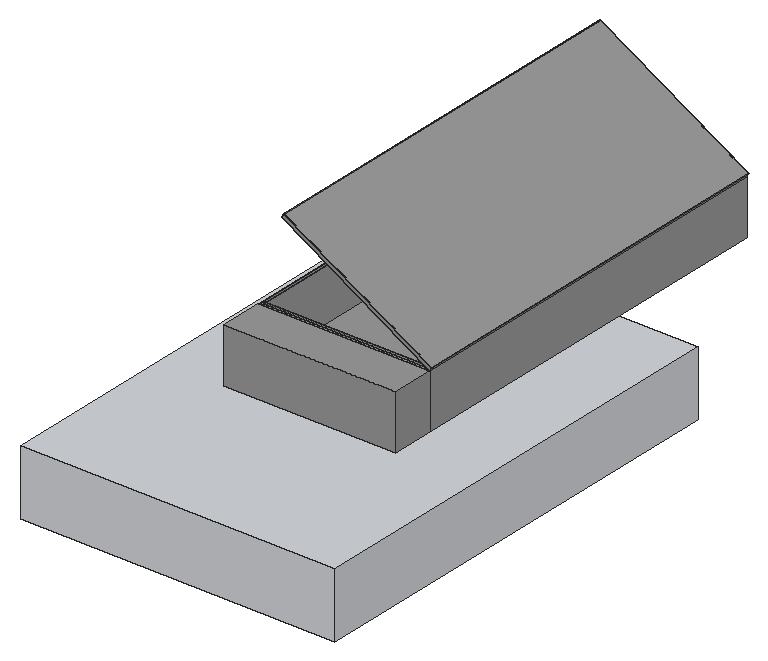
Revit family "Hager-Univers-IP55-D275-H2050-Cl.II-Steel_encl-AT-de", category Equipement électrique, Revit 2020
Family settings
  Hôte = Face
  Configuration du panneau = Deux colonnes, circuits au sein
  Cote de connecteur circulaire = Utiliser le diamètre
  Type d'élément = Tableau de raccordement
  Couper avec des vides une fois chargée = Non
  Partagée = Non
  Point de calcul de pièce = Non
Parameters (values of type "Bodenaufstellung IP55 B800 H2050 T275  - FR23S2")
  Width Control [instance] = if([EF000008 - Breite] > Min Width, [EF000008 - Breite], Min Width)  # 800 mm
  Commentaires du type = [HG000003 - Bereich]  # "Univers"
  Thickness Door [instance] = if([EF009171 - Materialstärke Tür/Deckel] > 3 mm, 3 mm, [EF009171 - Materialstärke Tür/Deckel])  # 1.5 mm
  Seal Frame Offset [instance] = 17 mm  # constant formula
  Plinth Visibility [instance] = [HG000027 - Sockelhöhe] > 0 mm  # yes
  Model = ""
  Min Width [instance] = 100 mm  # constant formula
  Min Height [instance] = 100 mm  # constant formula
  Min Depth [instance] = (2 * [EF009170 - Materialstärke Gehäuse]) + 1 mm  # 4 mm
  Internal Frame Depth [instance] = (Door System Depth * 0.5)  # 9 mm
  Height Control [instance] = if([EF000040 - Höhe] > Min Height, [EF000040 - Höhe], Min Height)  # 2050 mm
  HG000027 - Sockelhöhe = 200 mm
  HG000026 - Stehend auf dem Boden = yes
  HG000024 - Höhe des unteren Teils = 800 mm
  HG000023 - Gehäuse mit doppeltem Querschnitt = no
  HG000016 - 3D-Türsichtbarkeit [instance] = yes
  HG000015 - Sichtbarkeit der Türöffnung [instance] = no
  HG000014 - Tür rechts [instance] = yes
  HG000013 - Tür links [instance] = not([HG000014 - Tür rechts])  # no
  HG000012 - Türschwenkwinkel [instance] = 30.00°
  HG000010 - Asymmetrische Türen = no
  HG000009 - Doppelflügeligen Tür = no
  HG000006 - Unterputz = no
  HG000004 - Herstellerreferenz = "FR23S2"
  HG000003 - Bereich = "Univers"
  HG000002 - Mit tür = yes
  Frame Offset Bottom [instance] = 10 mm  # constant formula
  Frame Offset [instance] = 15 mm  # constant formula
  EF015940 - Deckel mit Überdruckentlastung = no
  EF011959 - Schutzart (NEMA) = ""
  EF009554 - Anzahl der Öffnungen für Flanschplatten = 6
  Fabricant = "Hager"  # constant formula
  EF009212 - Ausführung Deckel = "EV000116 - geschlossen"
  EF009171 - Materialstärke Tür/Deckel = 1.5 mm
  EF009170 - Materialstärke Gehäuse = 1.5 mm
  EF008873 - Nennstrom (In) = 800 A
  EF007800 - Geeignet für Blitzschutz = no
  EF006306 - Mit Schloss = no
  EF006244 - Transparenter Deckel/Tür = no
  EF005474 - Schutzart (IP) = "EV006420 - IP55"
  EF004464 - Art der Tür = "EV002646 - Einzel"
  EF004427 - Anzahl der Module = 432
  EF004293 - Schlagfestigkeit = "EV008784 - IK10"
  EF003532 - Geeignet für Außengebrauch = no
  EF002950 - Breite in Teilungseinheiten = 24
  EF001613 - Funktionserhalt = "EV000494 - ohne"
  EF001596 - Werkstoff des Gehäuses = "EV000179 - Stahl"
  EF001131 - Innentiefe = 275 mm
  EF001088 - Anbaumöglichkeit = yes
  EF000437 - Anzahl der Leitungseinführungen = 6
  EF000339 - Art der Abdeckung = "EV004216 - Tür"
  EF000266 - Anzahl der Reihen = 12
  EF000218 - Einbautiefe = 0 mm
  EF000118 - Mit Montageplatte = no
  EF000116 - RAL-Nummer = "7035"
  EF000049 - Tiefe = 275 mm
  EF000040 - Höhe = 2050 mm
  EF000008 - Breite = 800 mm
  EF000007 - Farbe = "EV000270 - grau"
  EF000003 - Montageart = "EV012274 - Bodenaufstellung"
  Door System Leaf Tolerance [instance] = 1.5 mm  # constant formula
  Door System Depth [instance] = 18 mm  # constant formula
  Door Height [instance] = Height Control - [HG000027 - Sockelhöhe]  # 1850 mm
  Depth Control [instance] = if([EF000049 - Tiefe] > Min Depth, [EF000049 - Tiefe], Min Depth)  # 275 mm
  Default Elevation = 0 mm
  Connector Offset [instance] = Height Control / 2  # 1025 mm
  Bottom Top Plate Trim [instance] = 1.5 mm  # constant formula
  Plinth height Ctrl [instance] = if([HG000027 - Sockelhöhe] > 0 mm, [HG000027 - Sockelhöhe], 12 mm)  # 200 mm
Types (11, lengths in mm): name | Width Control | HG000010 - Asymmetrische Türen | HG000009 - Doppelflügeligen Tür | HG000004 - Herstellerreferenz | EF009554 - Anzahl der Öffnungen für Flanschplatten | EF006244 - Transparenter Deckel/Tür | EF004464 - Art der Tür | EF004427 - Anzahl der Module | EF000437 - Anzahl der Leitungseinführungen | EF000008 - Breite
  Bodenaufstellung IP55 B1050 H2050 T275  - FR24L2 | 1050 | yes | yes | "FR24L2" | 8 | yes | "EV003602 - Doppel" | 576 | 8 | 1050
  Bodenaufstellung IP55 B1050 H2050 T275  - FR24S2 | 1050 | yes | yes | "FR24S2" | 8 | no | "EV003602 - Doppel" | 576 | 8 | 1050
  Bodenaufstellung IP55 B1300 H2050 T275  - FR25L2 | 1300 | yes | yes | "FR25L2" | 10 | yes | "EV003602 - Doppel" | 720 | 10 | 1300
  Bodenaufstellung IP55 B1300 H2050 T275  - FR25S2 | 1300 | yes | yes | "FR25S2" | 10 | no | "EV003602 - Doppel" | 720 | 10 | 1300
  Bodenaufstellung IP55 B1550 H2050 T275  - FR26L2 | 1550 | yes | yes | "FR26L2" | 12 | yes | "EV003602 - Doppel" | 864 | 12 | 1550
  Bodenaufstellung IP55 B1550 H2050 T275  - FR26S2 | 1550 | yes | yes | "FR26S2" | 12 | no | "EV003602 - Doppel" | 864 | 12 | 1550
  Bodenaufstellung IP55 B300 H2050 T275  - FR21S2 | 300 | no | no | "FR21S2" | 2 | no | "EV002646 - Einzel" | 144 | 2 | 300
  Bodenaufstellung IP55 B550 H2050 T275  - FR22L2 | 550 | no | no | "FR22L2" | 4 | yes | "EV002646 - Einzel" | 288 | 4 | 550
  Bodenaufstellung IP55 B550 H2050 T275  - FR22S2 | 550 | no | no | "FR22S2" | 4 | no | "EV002646 - Einzel" | 288 | 4 | 550
  Bodenaufstellung IP55 B800 H2050 T275  - FR23L2 | 800 | no | no | "FR23L2" | 6 | yes | "EV002646 - Einzel" | 432 | 6 | 800
  Bodenaufstellung IP55 B800 H2050 T275  - FR23S2 | 800 | no | no | "FR23S2" | 6 | no | "EV002646 - Einzel" | 432 | 6 | 800
Reference planes
  plane 1 "Center (Front/Back)": y = 0
  plane 2: z = 0
  plane 3 "Center (Left/Right)": x = 0
  plane 4: z = 275
  plane 5: y = 201.5
  plane 6: y = 1125
  plane 7: y = 200
  plane 8: y = 2050
  plane 9: z = 0
  plane 10: x = -385
  plane 11: x = 385
  plane 12: x = 383.5
  plane 13: x = -383.5
  plane 14: y = 2048.5
  plane 15: x = -383
  plane 16: x = -400
  plane 17: x = 383
  plane 18: x = 400
  plane 19: x = 398.5
  plane 20: x = -398.5
  plane 21: y = 211.5
  plane 22: y = 2050
  plane 23: y = 2033.5
  plane 24: z = 257
  plane 25: z = 1.5
  plane 26: z = 255.5
  plane 27: z = 273.5
Forms (mm)
  Extrusion 1, solid
    sketch origin (0, 0, 0) x (1, 0, 0) y (0, 1, 0)
      loop
        line (-702.964, 1305) -> (-702.964, -811.445) -> (766.763, -811.445) -> (766.763, 1305) -> (-702.964, 1305)
    from 0 to -304.8
  Extrusion 2, solid, material "Hager_Steel_RAL7035_Light_Grey", visible <- "Plinth Visibility", detail levels medium+fine
    sketch origin (0, 0, 0) x (1, 0, 0) y (0, 1, 0)
      loop
        line (-400, 0) -> (400, 0) -> (400, 200) -> (-400, 200) -> (-400, 0)
    from 0 to 257
  Extrusion 3, solid, material "Hager_Steel_RAL7035_Light_Grey", detail levels medium+fine
    sketch origin (0, 0, 0) x (1, 0, 0) y (0, 1, 0)
      loop
        line (-400, 200) -> (400, 200) -> (400, 2050) -> (-400, 2050) -> (-400, 200)
    from 0 to 257
  Extrusion 4, void
    sketch origin (0, 0, 0) x (1, 0, 0) y (0, 1, 0)
      loop
        line (-398.5, 201.5) -> (398.5, 201.5) -> (398.5, 2048.5) -> (-398.5, 2048.5) -> (-398.5, 201.5)
    from 1.5 to 255.5
  Extrusion 5, void
    sketch origin (-381.607, -4572, 257) x (0, -1, 0) y (-1, 0, 0)
      loop
        line (-4783.5, 1.893) -> (-6605.5, 1.893) -> (-6605.5, -765.107) -> (-4783.5, -765.107) -> (-4783.5, 1.893)
    from 0 to 1.5 <- "EF009170 - Materialstärke Gehäuse"
  Extrusion 6, solid, material "Hager_Steel_RAL7035_Light_Grey", detail levels fine
    sketch origin (0, 0, 257) x (1, 0, 0) y (0, 1, 0)
      loop
        line (-383.5, 2033.5) -> (-383.5, 211.5) -> (383.5, 211.5) -> (383.5, 2033.5) -> (-383.5, 2033.5)
      loop
        line (-385, 210) -> (385, 210) -> (385, 2035) -> (-385, 2035) -> (-385, 210)
    from 0 to 9 <- "Internal Frame Depth"
  Extrusion 7, solid, material "Hager_Steel_RAL7035_Light_Grey", detail levels coarse
    sketch origin (0, 0, 0) x (1, 0, 0) y (0, 1, 0)
      loop
        line (-400, 0) -> (400, 0) -> (400, 2050) -> (-400, 2050) -> (-400, 0)
    from 0 to 275
  Sweep 8, void
    path in 3D
      loop
        line (-400, 200, 0) -> (400, 200, 0) -> (400, 200, 257) -> (-400, 200, 257) -> (-400, 200, 0)
    profile origin (-400, 200, 128.5) x (-1, 0, 0) y (0, -1, 0)
      loop
        line (0, 0) -> (0, 1.5) -> (-1.5, 1.5)
        arc (-1.5, 1.5) -> (-1.061, 0.439) -> (0, 0) r 1.5
Cuts and joins
  Extrusion 4, Extrusion 5 cuts Extrusion 3
  Sweep 8 cuts Extrusion 2
Lines and regions (mm)
  Masking region 1
    outline origin (0, 0, 0) x (1, 0, 0) y (0, 0, 1)
      loop
        line (-400, 275) -> (-400, 0) -> (400, 0) -> (400, 275) -> (-400, 275)
  Masking region 2, detail levels medium+fine
    outline origin (0, 140, 0) x (0, 1, 0) y (0, 0, 1)
      loop
        line (60, 0) -> (1910, 0) -> (1910, 257) -> (60, 257) -> (60, 0)
  Masking region 3, not visible, detail levels medium+fine
    outline origin (0, 297.922, 0) x (0, 1, 0) y (0, 0, 1)
      loop
        line (838.578, 0) -> (878.578, 0) -> (878.578, 263.5)
        arc (878.578, 263.5) -> (875.649, 270.571) -> (868.578, 273.5) r 10
        line (868.578, 273.5) -> (838.578, 273.5) -> (838.578, 0)
  Masking region 4, detail levels coarse
    outline origin (0, 0, 180) x (0, 1, 0) y (0, 0, 1)
      loop
        line (0, -180) -> (2050, -180) -> (2050, 95) -> (0, 95) -> (0, -180)
  Masking region 5, visible <- "Plinth Visibility", detail levels medium+fine
    outline origin (0, 52.24, 12.345) x (0, 0, -1) y (0, 1, 0)
      loop
        line (10.845, 147.76) -> (-243.155, 147.76)
        arc (-243.155, 147.76) -> (-243.594, 146.699) -> (-244.655, 146.26) r 1.5
        line (-244.655, 146.26) -> (-244.655, -52.24) -> (12.345, -52.24) -> (12.345, 146.26)
        arc (12.345, 146.26) -> (11.285, 146.699) -> (10.845, 147.76) r 1.5
  Masking region 6, detail levels medium+fine
    outline origin (-381.607, -4572, 257) x (-1, 0, 0) y (0, -1, 0)
      loop
        line (18.393, -6622) -> (18.393, -4772) -> (-781.607, -4772) -> (-781.607, -6622) -> (18.393, -6622)
  Masking region 7, visible <- "Plinth Visibility", detail levels medium+fine
    outline origin (-381.607, -4727, 257) x (-1, 0, 0) y (0, -1, 0)
      loop
        arc (16.893, -4927) -> (17.332, -4925.939) -> (18.393, -4925.5) r 1.5
        line (18.393, -4925.5) -> (18.393, -4727) -> (-781.607, -4727) -> (-781.607, -4925.5)
        arc (-781.607, -4925.5) -> (-780.546, -4925.939) -> (-780.107, -4927) r 1.5
        line (-780.107, -4927) -> (16.893, -4927)
  Masking region 8, detail levels coarse
    outline origin (-442.548, -4669.526, 257) x (-1, 0, 0) y (0, -1, 0)
      loop
        line (-42.548, -6719.526) -> (-42.548, -4669.526) -> (-842.548, -4669.526) -> (-842.548, -6719.526) -> (-42.548, -6719.526)
  sketch lines
    curve 1: line (-400, 200, 257) -> (-400, 200, 0)
    curve 2: line (400, 200, 257) -> (-400, 200, 257)
    curve 3: line (400, 200, 257) -> (400, 200, 0)
    curve 4: line (-400, 200, 0) -> (400, 200, 0)
Dimensions and locks
  "Depth Control": plane 4 to Extrusion 1
  "HG000027 - Sockelhöhe": plane 1 "Center (Front/Back)" to plane 7
  "EF009170 - Materialstärke Gehäuse": plane 5 to plane 7
  locked: connector elem to plane 3 "Center (Left/Right)"
  equal spacing: plane 8, plane 6, plane 7
  locked: connector elem to plane 6
  "EF009170 - Materialstärke Gehäuse": plane 8 to plane 14
  "EF009170 - Materialstärke Gehäuse": plane 10 to plane 13
  "EF009170 - Materialstärke Gehäuse": plane 12 to plane 11
  "Frame Offset": plane 20 to plane 13
  "Frame Offset": plane 12 to plane 19
  "EF009170 - Materialstärke Gehäuse": plane 16 to plane 20
  "EF009170 - Materialstärke Gehäuse": plane 19 to plane 18
  "Seal Frame Offset": plane 16 to plane 15
  "Seal Frame Offset": plane 17 to plane 18
  "Frame Offset Bottom": plane 21 to plane 5
  "Frame Offset": plane 14 to plane 23
  equal spacing: plane 16, plane 3 "Center (Left/Right)", plane 18
  "Width Control": plane 16 to plane 18
  "EF009170 - Materialstärke Gehäuse": plane 4 to plane 27
  "EF009170 - Materialstärke Gehäuse": plane 24 to plane 26
  "EF009170 - Materialstärke Gehäuse": plane 25 to level
  "Door System Depth": plane 4 to plane 24
  "Height Control": plane 1 "Center (Front/Back)" to Extrusion 7 sketch curve
  "Height Control": Masking region 4 sketch curve to plane 1 "Center (Front/Back)"
  "Height Control": plane 1 "Center (Front/Back)" to plane 22
  "Bottom Top Plate Trim": profile plane to Sweep 8 sketch curve
  "Bottom Top Plate Trim": Sweep 8 sketch curve to profile plane
  "Plinth height Ctrl": plane 1 "Center (Front/Back)" to Extrusion 2 sketch curve
  "Plinth height Ctrl": Masking region 5 sketch curve to plane 1 "Center (Front/Back)"
  "Plinth height Ctrl": plane 1 "Center (Front/Back)" to Masking region 7 sketch curve
  "Thickness Door": Extrusion 6 sketch curve to Extrusion 6 sketch curve  (x3)
  "Thickness Door": cut or joined group of Extrusion 3, Extrusion 4, Extrusion 5 to Extrusion 6 sketch curve
  radius of Masking region 3 sketch curve = 10 mm
  "Bottom Top Plate Trim": radius of Masking region 5 sketch curve  (x2)
  "Bottom Top Plate Trim": radius of Sweep 8 sketch curve
  "Bottom Top Plate Trim": radius of Masking region 7 sketch curve  (x2)
  aligned and locked: plane 2 to Extrusion 1
  aligned and locked: level to Extrusion 1
  aligned and locked: level to Masking region 1 sketch curve
  aligned and locked: Masking region 1 sketch curve to plane 18
  aligned and locked: Masking region 1 sketch curve to plane 16
  aligned and locked: plane 7 to Masking region 2 sketch curve
  aligned and locked: level to Masking region 3 sketch curve
  aligned and locked: Masking region 3 sketch curve to plane 27
  aligned and locked: level to Masking region 2 sketch curve
  aligned and locked: plane 1 "Center (Front/Back)" to Extrusion 2 sketch curve
  aligned and locked: Extrusion 3 sketch curve to plane 7
  aligned and locked: plane 16 to Extrusion 3 sketch curve
  aligned and locked: plane 18 to Extrusion 3 sketch curve
  aligned and locked: plane 20 to Extrusion 4 sketch curve
  aligned and locked: plane 19 to Extrusion 4 sketch curve
  aligned and locked: Extrusion 4 sketch curve to plane 5
  aligned and locked: Extrusion 4 to plane 25
  aligned and locked: plane 26 to Extrusion 4
  aligned and locked: plane 24 to Extrusion 3
  aligned and locked: Extrusion 5 sketch curve to plane 21
  aligned and locked: Extrusion 5 sketch curve to plane 13
  aligned and locked: Extrusion 5 sketch curve to plane 12
  aligned and locked: plane 18 to Extrusion 7 sketch curve
  aligned and locked: plane 1 "Center (Front/Back)" to Extrusion 7 sketch curve
  aligned and locked: plane 16 to Extrusion 7 sketch curve
  aligned and locked: plane 4 to Extrusion 7
  aligned and locked: Extrusion 7 to level
  aligned and locked: level to Masking region 4 sketch curve
  aligned and locked: Masking region 4 sketch curve to plane 1 "Center (Front/Back)"
  aligned and locked: Masking region 4 sketch curve to plane 4
  aligned and locked: nested 1 to level
  aligned and locked: nested 1 to plane 16
  aligned and locked: plane 8 to Extrusion 3 sketch curve
  aligned and locked: plane 23 to Extrusion 5 sketch curve
  aligned and locked: plane 14 to Extrusion 4 sketch curve
  aligned and locked: Masking region 2 sketch curve to plane 8
  aligned and locked: level to Masking region 5 sketch curve
  aligned and locked: plane 16 to Extrusion 2 sketch curve
  aligned and locked: plane 18 to Extrusion 2 sketch curve
  aligned and locked: Masking region 5 sketch curve to plane 24
  aligned and locked: Masking region 2 sketch curve to plane 24
  aligned and locked: plane 24 to Extrusion 2
  aligned and locked: profile plane to Sweep 8 sketch curve  (x2)
  aligned and locked: Masking region 6 sketch curve to plane 18
  aligned and locked: Masking region 6 sketch curve to plane 22
  aligned and locked: Masking region 6 sketch curve to plane 16
  aligned and locked: plane 8 to plane 22
  aligned and locked: Masking region 6 sketch curve to plane 7
  aligned and locked: Masking region 7 sketch curve to plane 16
  aligned and locked: Masking region 7 sketch curve to plane 1 "Center (Front/Back)"
  aligned and locked: Masking region 7 sketch curve to plane 18
  aligned and locked: Masking region 8 sketch curve to plane 1 "Center (Front/Back)"
  aligned and locked: Masking region 8 sketch curve to plane 18
  aligned and locked: Masking region 8 sketch curve to plane 22
  aligned and locked: Masking region 8 sketch curve to plane 16
  aligned and locked: nested 2 to plane 7
  aligned and locked: plane 3 "Center (Left/Right)" to nested 2
  aligned and locked: nested 2 to plane 24
  aligned and locked: Extrusion 6 sketch curve to cut or joined group of Extrusion 3, Extrusion 4, Extrusion 5  (x4)
Automatic sketch dimensions
  Extrusion 1 sketch curve to Extrusion 1 sketch curve = 1469.727 mm
  Extrusion 1 sketch curve to Extrusion 1 sketch curve = 2116.445 mm
  Masking region 1 sketch curve to plane 4 = 0 mm
  plane 6 to Masking region 3 sketch curve = 11.5 mm
  Masking region 3 sketch curve to Masking region 3 sketch curve = 30 mm
  Masking region 5 sketch curve to plane 1 "Center (Front/Back)" = 0 mm
Nested families
  nested 1: "Hager_Enclosure_Symbol" at (-400, 0, 0) x (1, 0, 0) z (0, -1, 0), Height <- "Depth Control", Width <- "Width Control", type "Hager_Enclosure_Symbol"
    with Width_Ctrl 800 mm, Width 800 mm, Height_Ctrl 275 mm, Height 275 mm, A_Width_Int 18.047 mm, A_Width 216.562 mm, A_Height_Ctrl 240.625 mm, A_Height 240.625 mm
  nested 2: "EC000058_Univers_Door" at (0, 200, 257) x (1, 0, 0) z (0, 1, 0), Leaf_Tolerance <- "Door System Leaf Tolerance", Angle <- "HG000012 - Türschwenkwinkel", Door_Depth <- "Door System Depth", Door_Left <- "HG000013 - Tür links", Transparent <- "EF006244 - Transparenter Deckel/Tür", Assymetrical <- "HG000010 - Asymmetrische Türen", Width <- "Width Control", Clearance <- "HG000015 - Sichtbarkeit der Türöffnung", Double <- "HG000009 - Doppelflügeligen Tür", 3d_Door <- "HG000016 - 3D-Türsichtbarkeit", Lock_Visibility <- "EF006306 - Mit Schloss", Width_Ctrl <- "Width Control", Door_Right <- "HG000014 - Tür rechts", Door <- "HG000002 - Mit tür", Height <- "Door Height", Thickness <- "Thickness Door", type "EC000058_Univers_Door", detail levels medium+fine
    with min_wh 4 mm, Width_Ctrl 800 mm, Width 800 mm, Transparent no, Thickness 1.5 mm, Seal_Material Hager_Rubber, Lock_Visibility no, Lock_Material Hager_Plastic_RAL9005_Jet_Black, Leaf_Width 800 mm, Leaf_Tolerance_External_Sides 0 mm, Leaf_Tolerance 1.5 mm, Leaf_Offset 0 mm, Leaf_Height 1847 mm, Leaf_2_Width 800 mm, Leaf_2_Offset 400 mm, Leaf_1_Width 800 mm, Leaf_1_Offset 400 mm, Height_Ctrl 1850 mm, Height 1850 mm, Glass_Material Hager_Glass, Double_Clearance_Ctrl no, Double no, Door_Right_Ctrl yes, Door_Right yes, Door_Material Hager_Steel_RAL7035_Light_Grey, Door_Left_Ctrl no, Door_Left no, Door_Depth 18 mm, Door yes, Clearance_Material Hager_Clearance, Clearance_Depth 800 mm, Clearance_Ctrl no, Clearance no, Assymetrical no, Angle 30.00°, 3d_Door yes
Connectors
  electrical at (0, 1125, 0)
    settings: on plane 9, index 1, voltage 0 V, apparent load 0 VA, apparent load phase1 0 VA, apparent load phase2 0 VA, apparent load phase3 0 VA, power factor 1, load classification "Other", number of poles 1, system type 30, power factor state 1, is connector primary yes, connector utility no, sub classification motor no, connector description ""
Definition of nested family "EC000058_Univers_Door"
  Parameters (values of type "EC000058_Univers_Door")
    min_wh [instance] = (2 * Thickness) + 1 mm  # 11 mm
    Width_Ctrl [instance] = 400 mm
    Width [instance] = 500 mm
    Transparent [instance] = yes
    Thickness [instance] = 5 mm
    Seal_Material [instance] = none
    Lock_Visibility [instance] = yes
    Lock_Material [instance] = none
    Leaf_Width [instance] = if((Width_Ctrl - 2 * Leaf_Tolerance_External_Sides) > 0 mm, (Width_Ctrl - 2 * Leaf_Tolerance_External_Sides), min_wh)  # 400 mm
    Leaf_Tolerance_External_Sides [instance] = 0 mm  # constant formula
    Leaf_Tolerance [instance] = 1.5 mm
    Leaf_Offset [instance] = 0 mm  # constant formula
    Leaf_Height [instance] = if((Height_Ctrl - 2 * Leaf_Tolerance) > 0 mm, (Height_Ctrl - 2 * Leaf_Tolerance), min_wh)  # 497 mm
    Leaf_2_Width [instance] = if(and(and(Double, Assymetrical), Door_Left), (Leaf_Width / 3) - (Leaf_Tolerance / 2), if(and(and(Double, Assymetrical), Door_Right), (Leaf_Width / 3) * 2 - (Leaf_Tolerance / 2), if(and(Double, not(Assymetrical)), (Leaf_Width / 2) - Leaf_Tolerance, Leaf_Width)))  # 400 mm
    Leaf_2_Offset [instance] = if(and(Double, Assymetrical), Leaf_2_Width / 2, if(and(Double, not(Assymetrical)), Leaf_Width / 4, Leaf_Width / 2))  # 200 mm
    Leaf_1_Width [instance] = if(and(and(Double, Assymetrical), Door_Right), (Leaf_Width / 3) - (Leaf_Tolerance / 2), if(and(and(Double, Assymetrical), Door_Left), (Width / 3) * 2 - (Leaf_Tolerance / 2), if(and(Double, not(Assymetrical)), (Leaf_Width / 2) - Leaf_Tolerance, Leaf_Width)))  # 400 mm
    Leaf_1_Offset [instance] = if(and(Double, Assymetrical), Leaf_1_Width / 2, if(and(Double, not(Assymetrical)), Leaf_Width / 4, Leaf_Width / 2))  # 200 mm
    Height_Ctrl [instance] = if(Height > min_wh, Height, min_wh)  # 500 mm
    Height [instance] = 500 mm
    Glass_Material [instance] = none
    Double_Clearance_Ctrl [instance] = and(Double, Clearance)  # no
    Double [instance] = no
    Door_Right_Ctrl [instance] = and(or(Door_Right, Double), Door)  # yes
    Door_Right [instance] = yes
    Door_Material [instance] = none
    Door_Left_Ctrl [instance] = and(or(Door_Left, Double), Door)  # no
    Door_Left [instance] = no
    Door_Depth [instance] = 30 mm
    Door [instance] = yes
    Default Elevation = 1219.2 mm
    Clearance_Material [instance] = none
    Clearance_Depth [instance] = if(Leaf_1_Width > Leaf_2_Width, Leaf_1_Width, Leaf_2_Width)  # 400 mm
    Clearance_Ctrl [instance] = and(not(Double), Clearance)  # yes
    Clearance [instance] = yes
    Assymetrical [instance] = yes
    Angle [instance] = 30.00°
    3d_Door [instance] = yes
  Reference planes
    plane 1 "Center (Front/Back)": y = 0
    plane 2 "Bottom": z = 0
    plane 3 "Center (Left/Right)": x = 0
    plane 4: z = 500
    plane 5: x = -200
    plane 6: x = 200
    plane 7: z = 500
    plane 8: x = -200
    plane 9: z = 0
    plane 10: x = 200
    plane 11: y = 0
    plane 12: z = 1.5
    plane 13: x = -600
    plane 14: y = -400
    plane 15: x = 600
    plane 16: x = 0
    plane 17: x = 0
    plane 18: x = -200
    plane 19: x = 200
    plane 20: z = 498.5
  Forms (mm)
    Extrusion 1, solid, material <- "Clearance_Material", visible <- "Double_Clearance_Ctrl"
      sketch origin (1200, 0, 0) x (1, 0, 0) y (0, 0, -1)
        loop
          line (-1800, -498.5) -> (-600, -498.5) -> (-600, 0) -> (-1800, 0) -> (-1800, -498.5)
      from 0 to -400
  Dimensions and locks
    equal spacing: plane 5, plane 3 "Center (Left/Right)", plane 6
    "Width_Ctrl": plane 5 to plane 6
    "Leaf_Offset": plane 5 to plane 8
    "Leaf_Offset": plane 6 to plane 10
    "Leaf_Offset": plane 9 to level
    "Leaf_Offset": plane 4 to plane 7
    "Height_Ctrl": plane 4 to level
    "Leaf_Tolerance": plane 12 to plane 9
    locked: plane 11 to plane 1 "Center (Front/Back)"
    "Leaf_1_Offset": plane 18 to plane 16
    "Leaf_2_Offset": plane 17 to plane 19
    "Leaf_1_Width": plane 13 to plane 8
    "Leaf_2_Width": plane 10 to plane 15
    "Clearance_Depth": plane 14 to plane 1 "Center (Front/Back)"
    "Leaf_Tolerance_External_Sides": plane 8 to plane 18
    "Leaf_Tolerance_External_Sides": plane 19 to plane 10
    "Leaf_Tolerance": plane 7 to plane 20
    aligned and locked: level to plane 2 "Bottom"
    aligned and locked: nested 1 to plane 16
    aligned and locked: nested 2 to plane 17
    aligned and locked: Extrusion 1 to plane 13
    aligned and locked: plane 15 to Extrusion 1
    aligned and locked: Extrusion 1 to plane 14
    aligned and locked: plane 12 to nested 1
    aligned and locked: nested 2 to plane 12
    aligned and locked: Extrusion 1 to plane 11
    aligned and locked: plane 20 to Extrusion 1
    aligned and locked: nested 2 to plane 11
    aligned and locked: nested 1 to plane 11
  Automatic sketch dimensions
    Extrusion 1 sketch curve to level = 0 mm
    plane 5 to Extrusion 1 sketch curve = 400 mm
    plane 6 to Extrusion 1 sketch curve = 400 mm
    Extrusion 1 sketch curve to plane 4 = 1.5 mm
  Nested families
    nested 1: "EC000058_Univers_Door_Leaf" at (0, 0, 1.5), Width <- "Leaf_1_Width", visible <- "Door_Left_Ctrl", Leaf_Height <- "Leaf_Height", Angle <- "Angle", 3d_Door <- "3d_Door", Transparent <- "Transparent", Clearance Material <- "Clearance_Material", Clearance <- "Clearance_Ctrl", Door_Material <- "Door_Material", Glass_Material <- "Glass_Material", Door_Depth <- "Door_Depth", Lock_Material <- "Lock_Material", Seal_Material <- "Seal_Material", Lock_Visibility <- "Lock_Visibility", Thickness <- "Thickness", type "EC000058_Univers_Door_Leaf"
      with Width 400 mm, Transparent_Glass_Offset 30 mm, Transparent_Ctrl yes, Transparent yes, Thickness 5 mm, Standard no, Seal_Material none, Seal_D2 8 mm, Seal_D1 1 mm, Offset_Internal_Frame 10 mm, Lock_Width 20 mm, Lock_Visibility_3d yes, Lock_Visibility yes, Lock_Thickness_3 3 mm, Lock_Thickness_2 1 mm, Lock_Thickness_1 3 mm, Lock_Radius_Offset_2 16 mm, Lock_Radius_Offset_1 15 mm, Lock_Radius_2 5 mm, Lock_Radius 6 mm, Lock_Offset 5 mm, Lock_Material none, Lock_Height 80 mm, Lock_Cover_Top_Offset_2d 17 mm, Lock_Cover_Height -65 mm, Leaf_Height 497 mm, Internal_Seal_Thickness 8 mm, Internal_Seal_Depth_2 4.5 mm, Internal_Frame_Depth 25 mm, Glass_Thickness -1 mm, Glass_Offset -2 mm, Glass_Material none, Door_Material none, Door_Depth 30 mm, Clearance Material none, Clearance yes, Angle_Ctrl 30.00°, Angle 30.00°, 3d_Door yes
    nested 2: "EC000058_Univers_Door_Leaf" at (0, 0, 1.5) x (-1, 0, 0) z (0, 0, 1), Width <- "Leaf_2_Width", visible <- "Door_Right_Ctrl", Leaf_Height <- "Leaf_Height", Angle <- "Angle", 3d_Door <- "3d_Door", Transparent <- "Transparent", Clearance Material <- "Clearance_Material", Clearance <- "Clearance_Ctrl", Door_Material <- "Door_Material", Glass_Material <- "Glass_Material", Door_Depth <- "Door_Depth", Lock_Material <- "Lock_Material", Seal_Material <- "Seal_Material", Lock_Visibility <- "Lock_Visibility", Thickness <- "Thickness", type "EC000058_Univers_Door_Leaf"
      with Width 400 mm, Transparent_Glass_Offset 30 mm, Transparent_Ctrl yes, Transparent yes, Thickness 5 mm, Standard no, Seal_Material none, Seal_D2 8 mm, Seal_D1 1 mm, Offset_Internal_Frame 10 mm, Lock_Width 20 mm, Lock_Visibility_3d yes, Lock_Visibility yes, Lock_Thickness_3 3 mm, Lock_Thickness_2 1 mm, Lock_Thickness_1 3 mm, Lock_Radius_Offset_2 16 mm, Lock_Radius_Offset_1 15 mm, Lock_Radius_2 5 mm, Lock_Radius 6 mm, Lock_Offset 5 mm, Lock_Material none, Lock_Height 80 mm, Lock_Cover_Top_Offset_2d 17 mm, Lock_Cover_Height -65 mm, Leaf_Height 497 mm, Internal_Seal_Thickness 8 mm, Internal_Seal_Depth_2 4.5 mm, Internal_Frame_Depth 25 mm, Glass_Thickness -1 mm, Glass_Offset -2 mm, Glass_Material none, Door_Material none, Door_Depth 30 mm, Clearance Material none, Clearance yes, Angle_Ctrl 30.00°, Angle 30.00°, 3d_Door yes
  Definition of nested family "EC000058_Univers_Door_Leaf"
    Parameters (values of type "EC000058_Univers_Door_Leaf")
      Width [instance] = 2000 mm
      Transparent_Glass_Offset [instance] = 30 mm
      Transparent_Ctrl [instance] = and(Transparent, [3d_Door])  # yes
      Transparent [instance] = yes
      Thickness [instance] = 5 mm
      Standard [instance] = and(not(Transparent), [3d_Door])  # no
      Seal_Material [instance] = none
      Seal_D2 [instance] = 8 mm  # constant formula
      Seal_D1 [instance] = 1 mm  # constant formula
      Offset_Internal_Frame [instance] = 10 mm  # constant formula
      Lock_Width [instance] = 20 mm  # constant formula
      Lock_Visibility_3d [instance] = and(Lock_Visibility, [3d_Door])  # yes
      Lock_Visibility [instance] = yes
      Lock_Thickness_3 [instance] = 3 mm  # constant formula
      Lock_Thickness_2 [instance] = 1 mm  # constant formula
      Lock_Thickness_1 [instance] = 3 mm  # constant formula
      Lock_Radius_Offset_2 [instance] = Lock_Radius_Offset_1 + 1 mm  # 16 mm
      Lock_Radius_Offset_1 [instance] = 15 mm  # constant formula
      Lock_Radius_2 [instance] = Lock_Radius - 1 mm  # 5 mm
      Lock_Radius [instance] = 6 mm  # constant formula
      Lock_Offset [instance] = 5 mm  # constant formula
      Lock_Material [instance] = none
      Lock_Height [instance] = 80 mm  # constant formula
      Lock_Cover_Top_Offset_2d [instance] = Lock_Radius_Offset_2 + 1 mm  # 17 mm
      Lock_Cover_Height [instance] = -(Lock_Height - Lock_Radius_Offset_1)  # -65 mm
      Leaf_Height [instance] = 2720.336 mm
      Internal_Seal_Thickness [instance] = 8 mm  # constant formula
      Internal_Seal_Depth_2 [instance] = 4.5 mm  # constant formula
      Internal_Frame_Depth [instance] = if(Door_Depth - Thickness > 5 mm, Door_Depth - Thickness, 5 mm)  # 25 mm
      Glass_Thickness [instance] = if(Thickness > 15 mm, Glass_Offset + 10 mm, -1 mm)  # -1 mm
      Glass_Offset [instance] = if(Thickness > 15 mm, -(Thickness + 10 mm) / 2, -2 mm)  # -2 mm
      Glass_Material [instance] = none
      Door_Material [instance] = none
      Door_Depth [instance] = 30 mm
      Default Elevation = 0 mm
      Clearance Material [instance] = none
      Clearance [instance] = yes
      Angle_Ctrl [instance] = if(Angle > 180.00°, 180.00°, Angle)  # 90.00°
      Angle [instance] = 90.00°
      3d_Door [instance] = yes
    Reference planes
      plane 1 "Center (Front/Back)": y = 0
      plane 2: z = 0
      plane 3 "Center (Left/Right)": x = 0
      plane 4: y = 2000
      plane 5: x = -1000
      plane 6: x = 1000
      plane 7: x = -3000
      plane 8: z = 2720.336
      plane 9: z = 30
      plane 10: z = 2690.336
      plane 11: x = 970
      plane 12: x = -970
      plane 13: y = -3
      plane 14: z = 107.833
      plane 15: y = -5
      plane 16: y = -223.314
      plane 17: x = -1000
      plane 18: z = 1360.168
      plane 19: y = 30
    Forms (mm)
      Extrusion 1, solid, material <- "Clearance Material", visible <- "Clearance"
        sketch origin (0, 0, 0) x (1, 0, 0) y (0, 0, 1)
          loop
            line (-3000, 2720.336) -> (-3000, 0) -> (1000, 0) -> (1000, 2720.336) -> (-3000, 2720.336)
        from 0 to -2000
      Extrusion 2, solid, material <- "Door_Material", visible <- "Standard", detail levels medium+fine
        sketch origin (-1000, 0, 0) x (0, 1, 0) y (-1, 0, 0)
          loop
            line (0, 30) -> (0, 25) -> (2000, 25) -> (2000, 30) -> (0, 30)
        from 0 to 2720.336 <- "Leaf_Height"
      Extrusion 3, solid, material <- "Door_Material", visible <- "Transparent_Ctrl", detail levels medium+fine
        sketch origin (-1000, 0, 0) x (0, 1, 0) y (-1, 0, 0)
          loop
            line (0, 25) -> (2000, 25) -> (2000, 30) -> (0, 30) -> (0, 25)
        from 0 to 2720.336 <- "Leaf_Height"
      Extrusion 4, void
        sketch origin (-1025, 2000, 0) x (0, 1, 0) y (0, 0, -1)
          loop
            line (-30, -2690.336) -> (-30, -30) -> (-1970, -30) -> (-1970, -2690.336) -> (-30, -2690.336)
        from 0 to 5 <- "Thickness"
      Sweep 5, solid, material <- "Seal_Material", visible <- "Transparent_Ctrl", detail levels fine
        path in 3D
          loop
            line (-1025, 30, 30) -> (-1025, 30, 2690.336) -> (-1025, 1970, 2690.336) -> (-1025, 1970, 30) -> (-1025, 30, 30)
        profile origin (-1025, 1000, 30) x (1, 0, 0) y (0, 0, 1)
          loop
            line (0, 0) -> (0, -8) -> (1, -8) -> (1, 0) -> (0, 0)
      Extrusion 6, solid, material <- "Glass_Material", visible <- "Transparent_Ctrl", detail levels medium+fine
        sketch origin (-1030, 0, 0) x (0, 1, 0) y (0, 0, -1)
          loop
            line (1970, -2690.336) -> (1970, -30) -> (30, -30) -> (30, -2690.336) -> (1970, -2690.336)
        from -2 <- "Glass_Offset" to -1 <- "Glass_Thickness"
      Extrusion 7, solid, material <- "Door_Material", visible <- "3d_Door", detail levels medium+fine
        sketch origin (-1025, 2000, 0) x (0, -1, 0) y (0, 0, -1)
          loop
            line (0, -2720.336) -> (2000, -2720.336) -> (2000, 0) -> (0, 0) -> (0, -2720.336)
          loop
            line (1995, -5) -> (5, -5) -> (5, -2715.336) -> (1995, -2715.336) -> (1995, -5)
        from 0 to 25 <- "Internal_Frame_Depth"
      Sweep 8, solid, material <- "Seal_Material", visible <- "Transparent_Ctrl", detail levels fine
        path in 3D
          loop
            line (-1025, 0, 0) -> (-1025, 2000, 0) -> (-1025, 2000, 2720.336) -> (-1025, 0, 2720.336) -> (-1025, 0, 0)
        profile origin (-1025, 0, 1360.168) x (1, 0, 0) y (0, 1, 0)
          loop
            line (0, 10) -> (2.975, 10)
            arc (2.975, 10) -> (4.053, 10.447) -> (4.5, 11.525) r 1.525
            line (4.5, 11.525) -> (4.5, 16.527)
            arc (4.5, 16.527) -> (4.069, 17.569) -> (3.027, 18) r 1.473
            line (3.027, 18) -> (0, 18) -> (0, 10)
      Extrusion 9, solid, material <- "Lock_Material", visible <- "Lock_Visibility_3d", detail levels fine
        sketch origin (-1030, 0, 0) x (0, 1, 0) y (0, 0, -1)
          loop
            arc (1993.5, -1400.168) -> (1994.561, -1399.729) -> (1995, -1398.668) r 1.5
            line (1995, -1398.668) -> (1995, -1320.168) -> (1975, -1320.168) -> (1975, -1398.668)
            arc (1975, -1398.668) -> (1975.439, -1399.729) -> (1976.5, -1400.168) r 1.5
            line (1976.5, -1400.168) -> (1993.5, -1400.168)
        from 3 <- "Lock_Thickness_1" to 0
      Blend 10, solid, material <- "Lock_Material", visible <- "Lock_Visibility_3d", detail levels fine
        base sketch origin (-1033, 0, 0) x (0, 1, 0) y (0, 0, -1)
          loop
            line (1975, -1320.168) -> (1975, -1398.668)
            arc (1975, -1398.668) -> (1975.439, -1399.729) -> (1976.5, -1400.168) r 1.5
            line (1976.5, -1400.168) -> (1993.5, -1400.168)
            arc (1993.5, -1400.168) -> (1994.561, -1399.729) -> (1995, -1398.668) r 1.5
            line (1995, -1398.668) -> (1995, -1320.168) -> (1975, -1320.168)
        top sketch origin (-1033, 0, 0) x (0, 1, 0) y (0, 0, -1)
          loop
            line (1976, -1320.168) -> (1976, -1398.668)
            arc (1976, -1398.668) -> (1976.146, -1399.022) -> (1976.5, -1399.168) r 0.5
            line (1976.5, -1399.168) -> (1993.5, -1399.168)
            arc (1993.5, -1399.168) -> (1993.854, -1399.022) -> (1994, -1398.668) r 0.5
            line (1994, -1398.668) -> (1994, -1320.168) -> (1976, -1320.168)
        from 0 to 1 <- "Lock_Thickness_2"
      Blend 11, solid, material <- "Lock_Material", visible <- "Lock_Visibility_3d", detail levels fine
        base sketch origin (-1034, 0, 0) x (0, 1, 0) y (0, 0, -1)
          loop
            line (1978, -1320.168) -> (1978, -1384.168)
            arc (1978, -1384.168) -> (1985, -1391.168) -> (1992, -1384.168) r 7
            line (1992, -1384.168) -> (1992, -1320.168) -> (1978, -1320.168)
        top sketch origin (-1034, 0, 0) x (0, 1, 0) y (0, 0, -1)
          loop
            line (1991, -1320.168) -> (1979, -1320.168) -> (1979, -1383.168)
            arc (1979, -1383.168) -> (1985, -1389.168) -> (1991, -1383.168) r 6
            line (1991, -1383.168) -> (1991, -1320.168)
        from 0 to 3 <- "Lock_Thickness_3"
      Extrusion 12, solid, material <- "Lock_Material", visible <- "Lock_Visibility_3d", detail levels fine
        sketch origin (-1030, 1975, 1320.168) x (1, 0, 0) y (0, -1, 0)
          loop
            line (-7, -19) -> (-7, -1) -> (0, -1) -> (0, 0) -> (-8, 0) -> (-8, -20) -> (0, -20) -> (0, -19) -> (-7, -19)
        from 0 to -65 <- "Lock_Cover_Height"
      Extrusion 13, void
        sketch origin (-1038, 1995, 1320.168) x (-1, 0, 0) y (0, 0, -1)
          loop
            line (-5, -65) -> (0, -65) -> (-5, -60) -> (-5, -65)
        from 0 to 20 <- "Lock_Width"
      Extrusion 14, void
        sketch origin (-1038, 1975, 1320.168) x (0, -1, 0) y (0, 0, -1)
          loop
            circle (-10, -15.995) r 6
          loop
            circle (-10, -15.995) r 5
        from 0 to 2
      Extrusion 15, solid, material <- "Lock_Material", visible <- "Lock_Visibility_3d", detail levels medium
        sketch origin (-1030, 0, 0) x (0, 1, 0) y (0, 0, -1)
          loop
            arc (1993.5, -1400.168) -> (1994.561, -1399.729) -> (1995, -1398.668) r 1.5
            line (1995, -1398.668) -> (1995, -1320.168) -> (1975, -1320.168) -> (1975, -1398.668)
            arc (1975, -1398.668) -> (1975.439, -1399.729) -> (1976.5, -1400.168) r 1.5
            line (1976.5, -1400.168) -> (1993.5, -1400.168)
        from 8 to 0
    Cuts and joins
      Extrusion 4 cuts Extrusion 3
      Extrusion 13, Extrusion 14 cuts Extrusion 9
      Extrusion 14 cuts Blend 11
      Extrusion 13, Extrusion 14 cuts Extrusion 12
      joined: Extrusion 9, Blend 10, Blend 11, Extrusion 12
      Extrusion 14 cuts Extrusion 15
    Lines and regions (mm)
      Masking region 1, visible <- "Lock_Visibility", detail levels fine
        outline origin (0, 0, 0) x (0, 1, 0) y (0, 0, 1)
          loop
            line (30, 1320.168) -> (33, 1320.168) -> (33, 1400.168) -> (30, 1400.168) -> (30, 1320.168)
      Masking region 2, visible <- "Lock_Visibility", detail levels fine
        outline origin (0, 3.143, 0) x (0, 1, 0) y (0, 0, 1)
          loop
            line (29.857, 1354.168) -> (30.857, 1354.168) -> (30.857, 1366.168) -> (29.857, 1366.168) -> (29.857, 1354.168)
      Masking region 3, detail levels medium+fine
        outline origin (0, 0, 0) x (0, 1, 0) y (0, 0, 1)
          loop
            line (0, 0) -> (30, 0) -> (30, 2720.336) -> (0, 2720.336) -> (0, 0)
      Masking region 4, detail levels medium+fine
        outline origin (0, 0, 0) x (1, 0, 0) y (0, 0, 1)
          loop
            line (-1000, 2720.336) -> (-1000, 0) -> (1000, 0) -> (1000, 2720.336) -> (-1000, 2720.336)
      Masking region 5, visible <- "Lock_Visibility", detail levels fine
        outline origin (-47.116, 0, 0) x (1, 0, 0) y (0, 0, 1)
          loop
            arc (1024.616, 1399.168) -> (1023.556, 1398.729) -> (1023.116, 1397.668) r 1.5
            line (1023.116, 1397.668) -> (1023.116, 1320.168) -> (1041.116, 1320.168) -> (1041.116, 1397.668)
            arc (1041.116, 1397.668) -> (1040.677, 1398.729) -> (1039.616, 1399.168) r 1.5
            line (1039.616, 1399.168) -> (1024.616, 1399.168)
      Masking region 6, visible <- "Lock_Visibility", detail levels medium+fine
        outline origin (-25, 0, 0) x (1, 0, 0) y (0, 0, 1)
          loop
            arc (1001.5, 1400.168) -> (1000.439, 1399.729) -> (1000, 1398.668) r 1.5
            line (1000, 1398.668) -> (1000, 1320.168) -> (1020, 1320.168) -> (1020, 1398.668)
            arc (1020, 1398.668) -> (1019.561, 1399.729) -> (1018.5, 1400.168) r 1.5
            line (1018.5, 1400.168) -> (1001.5, 1400.168)
      Masking region 7, visible <- "Lock_Visibility", detail levels fine
        outline origin (-73.735, 0, 0) x (1, 0, 0) y (0, 0, 1)
          loop
            line (1051.735, 1382.168) -> (1065.735, 1382.168) -> (1065.735, 1384.168)
            arc (1065.735, 1384.168) -> (1058.735, 1391.168) -> (1051.735, 1384.168) r 7
            line (1051.735, 1384.168) -> (1051.735, 1382.168)
      Masking region 8, visible <- "Lock_Visibility", detail levels fine
        outline origin (-73.735, 0, 0) x (1, 0, 0) y (0, 0, 1)
          loop
            line (1052.735, 1382.168) -> (1064.735, 1382.168) -> (1064.735, 1383.168)
            arc (1064.735, 1383.168) -> (1058.735, 1389.168) -> (1052.735, 1383.168) r 6
            line (1052.735, 1383.168) -> (1052.735, 1382.168)
      Masking region 9, visible <- "Lock_Visibility", detail levels fine
        outline origin (-25, 0, 0) x (1, 0, 0) y (0, 0, 1)
          loop
            line (1020, 1320.168) -> (1020, 1382.168) -> (1000, 1382.168) -> (1000, 1320.168) -> (1020, 1320.168)
      Masking region 10, detail levels medium+fine
        outline origin (0, 0, 0) x (1, 0, 0) y (0, 0, 1)
          loop
            circle (985, 1335.144) r 6
      Masking region 11, detail levels fine
        outline origin (0, 0, 0) x (1, 0, 0) y (0, 0, 1)
          loop
            circle (985, 1335.144) r 5
      Masking region 12, visible <- "Lock_Visibility", detail levels fine
        outline origin (0, 12.767, 0) x (0, 1, 0) y (0, 0, 1)
          loop
            line (20.233, 1320.168) -> (21.233, 1320.168) -> (21.233, 1399.168) -> (20.233, 1400.168) -> (20.233, 1320.168)
      Masking region 13, visible <- "Lock_Visibility", detail levels fine
        outline origin (0, 13.767, -10) x (0, 1, 0) y (0, 0, 1)
          loop
            line (20.233, 1330.168) -> (23.233, 1330.168) -> (23.233, 1399.168) -> (20.233, 1402.168) -> (20.233, 1330.168)
      Masking region 14, visible <- "Lock_Visibility", detail levels fine
        outline origin (0, 12.767, -10) x (0, 1, 0) y (0, 0, 1)
          loop
            line (20.233, 1330.168) -> (25.233, 1330.168) -> (25.233, 1399.305) -> (20.233, 1394.305) -> (20.233, 1330.168)
      Masking region 15, visible <- "Lock_Visibility", detail levels medium
        outline origin (0, 0, 0) x (0, 1, 0) y (0, 0, 1)
          loop
            line (30, 1320.168) -> (38, 1320.168) -> (38, 1400.168) -> (30, 1400.168) -> (30, 1320.168)
      Masking region 16, visible <- "Lock_Visibility", detail levels fine
        outline origin (-1000, 0, 0) x (0, 1, 0) y (-1, 0, 0)
          loop
            line (1975, 30) -> (1995, 30) -> (1995, 38) -> (1975, 38) -> (1975, 30)
          loop
            line (1979, 37) -> (1976, 37) -> (1976, 34) -> (1978, 34) -> (1979, 37)
          loop
            line (1994, 37) -> (1991, 37) -> (1992, 34) -> (1994, 34) -> (1994, 37)
      Masking region 17, visible <- "Lock_Visibility", detail levels medium
        outline origin (-1000, 0, 0) x (0, 1, 0) y (-1, 0, 0)
          loop
            line (1975, 30) -> (1995, 30) -> (1995, 38) -> (1975, 38) -> (1975, 30)
      symbolic lines
        curve 1: line (1000, 0, 0) -> (-3000, 0, 0)
        curve 2: arc (1000, 0, 0) -> (-1000, 2000, 0) -> (-3000, 0, 0) r 2000
        curve 4: line (-1030, 0, 0) -> (-1030, 2000, 0)
      reference lines
        curve 3: line (-1000, 0, 0) -> (-1000, 2000, 0)
      symbolic lines, detail levels medium+fine
        curve 5: line (-1030, 2000, 0) -> (-1025, 2000, 0)
        curve 7: line (-1025, 0, 0) -> (-1030, 0, 0)
        curve 8: line (-1025, 0, 0) -> (-1000, 0, 0)
        curve 9: line (-1000, 0, 0) -> (-1000, 2000, 0)
        curve 10: line (-1000, 2000, 0) -> (-1025, 2000, 0)
      symbolic lines, detail levels fine
        curve 6: line (-1025, 2000, 0) -> (-1025, 0, 0)
      sketch lines
        curve 11: line (-1025, 0, 2720.336) -> (-1025, 0, 0)
        curve 12: line (-1025, 2000, 0) -> (-1025, 0, 0)
        curve 13: line (-1025, 2000, 2720.336) -> (-1025, 2000, 0)
        curve 14: line (-1025, 0, 2720.336) -> (-1025, 2000, 2720.336)
        curve 15: line (-1025, 1970, 30) -> (-1025, 30, 30)
        curve 16: line (-1025, 30, 30) -> (-1025, 30, 2690.336)
        curve 17: line (-1025, 1970, 2690.336) -> (-1025, 1970, 30)
        curve 18: line (-1025, 30, 2690.336) -> (-1025, 1970, 2690.336)
      symbolic lines, visible <- "Transparent", detail levels medium+fine
        curve 19: line (-970, 0, 2690.336) -> (970, 0, 2690.336)
        curve 20: line (-970, 0, 30) -> (-970, 0, 2690.336)
        curve 21: line (970, 0, 30) -> (-970, 0, 30)
        curve 22: line (970, 0, 2690.336) -> (970, 0, 30)
    Dimensions and locks
      "Width": plane 1 "Center (Front/Back)" to plane 4
      equal spacing: plane 5, plane 3 "Center (Left/Right)", plane 6
      "Width": plane 5 to plane 6
      "Width": plane 7 to plane 5
      "Leaf_Height": plane 8 to level
      "Width": curve 5 to curve 3
      "Width": curve 3 to curve 3
      plane 8 to plane 10 = 30 mm
      plane 9 to level = 30 mm
      plane 12 to plane 5 = 30 mm
      plane 6 to plane 11 = 30 mm
      Extrusion 1 to Extrusion 4 sketch curve = 30 mm
      "Transparent_Glass_Offset": curve 3 to Extrusion 4 sketch curve
      "Transparent_Glass_Offset": Extrusion 4 sketch curve to cut or joined group of Extrusion 3, Extrusion 4  (x2)
      cut or joined group of Extrusion 3, Extrusion 4 to Extrusion 6 sketch curve = 30 mm
      "Transparent_Glass_Offset": cut or joined group of Extrusion 3, Extrusion 4 to Extrusion 4 sketch curve
      "Thickness": curve 6 to curve 4
      "Thickness": Extrusion 7 sketch curve to Extrusion 7 sketch curve  (x4)
      "Door_Depth": curve 4 to curve 3
      "Offset_Internal_Frame": profile plane to Sweep 8 sketch curve
      "Internal_Seal_Thickness": Sweep 8 sketch curve to Sweep 8 sketch curve
      "Internal_Seal_Depth_2": profile plane to Sweep 8 sketch curve
      "Seal_D1": profile plane to Sweep 5 sketch curve
      "Seal_D2": profile plane to Sweep 5 sketch curve
      "Thickness": Extrusion 2 sketch curve to Extrusion 2 sketch curve
      equal spacing: Extrusion 9 sketch curve, plane 18, Extrusion 9 sketch curve  (x2)
      equal spacing: Masking region 1 sketch curve, plane 18, Masking region 1 sketch curve
      "Lock_Height": Masking region 1 sketch curve to Masking region 1 sketch curve
      "Lock_Radius": Masking region 2 sketch curve to plane 18 to Masking region 2 sketch curve
      Masking region 2 sketch curve to Masking region 1 = 1 mm
      "Door_Depth": plane 19 to plane 1 "Center (Front/Back)"
      "Lock_Thickness_1": Masking region 1 sketch curve to plane 19
      "Lock_Width": Extrusion 9 sketch curve to Extrusion 9 sketch curve
      "Lock_Height": Extrusion 9 sketch curve to Extrusion 9 sketch curve
      "Lock_Offset": cut or joined group of Extrusion 3, Extrusion 4 to Extrusion 9 sketch curve
      equal spacing: plane 8, plane 18, level
      "Lock_Radius_Offset_1": Blend 11 sketch curve to Blend 10
      locked: Blend 10 to Blend 11 sketch curve at 2  (x2)
      locked: var sketch to Blend 11 sketch curve at 1  (x2)
      "Lock_Radius_Offset_2": Blend 11 sketch curve to Blend 10
      locked: Extrusion 12 sketch curve to Extrusion 12 sketch curve at 1  (x3)
      Masking region 6 sketch curve to Masking region 6 sketch curve = 80 mm
      "Lock_Height": Masking region 6 sketch curve to Masking region 6 sketch curve
      "Lock_Width": Masking region 6 sketch curve to Masking region 6 sketch curve
      locked: Masking region 6 to Masking region 5 sketch curve at 1  (x3)
      locked: Masking region 5 to Masking region 7 sketch curve at 2  (x2)
      "Lock_Radius_Offset_1": Masking region 5 to Masking region 7 sketch curve
      "Lock_Radius_Offset_2": Masking region 5 to Masking region 8 sketch curve
      locked: Masking region 7 to Masking region 8 sketch curve at 1  (x2)
      "Lock_Cover_Top_Offset_2d": Masking region 5 to Masking region 9 sketch curve
      equal spacing: Masking region 9, Masking region 10 sketch curve, Masking region 9
      equal spacing: Masking region 9, Masking region 11 sketch curve, Masking region 9
      Extrusion 15 sketch curve to Extrusion 15 sketch curve = 80 mm
      "Lock_Width": Extrusion 15 sketch curve to Extrusion 15 sketch curve
      "Lock_Height": Extrusion 15 sketch curve to Extrusion 15 sketch curve
      equal spacing: Extrusion 15 sketch curve, plane 18, Extrusion 15 sketch curve
      "Lock_Thickness_3": Masking region 13 sketch curve to Masking region 13 sketch curve
      "Lock_Height": Masking region 12 sketch curve to Masking region 12 sketch curve
      locked: Masking region 13 sketch curve to Masking region 1 at 8
      locked: Masking region 14 sketch curve to Masking region 13 at 1
      locked: Masking region 14 sketch curve to Masking region 1 at 10.863
      "Lock_Height": Masking region 15 sketch curve to Masking region 15 sketch curve
      "Lock_Offset": Extrusion 15 sketch curve to cut or joined group of Extrusion 3, Extrusion 4
      "Lock_Offset": plane 6 to Masking region 6 sketch curve
      radius of Sweep 8 sketch curve = 1.525 mm
      radius of Sweep 8 sketch curve = 1.473 mm
      radius of Extrusion 9 sketch curve = 1.5 mm  (x2)
      "Lock_Radius": radius of Extrusion 14 sketch curve
      "Lock_Radius_2": radius of Extrusion 14 sketch curve
      "Lock_Radius": radius of Masking region 10 sketch curve
      "Lock_Radius_2": radius of Masking region 11 sketch curve
      radius of Extrusion 15 sketch curve = 1.5 mm  (x2)
      "Angle_Ctrl": angle plane 1 "Center (Front/Back)" to curve 3
      locked: Masking region 12 sketch curve to Masking region 12 sketch curve (angle 45.00°)
      locked: Masking region 13 sketch curve to Masking region 13 sketch curve (angle 45.00°)
      locked: Masking region 14 sketch curve to Masking region 14 sketch curve (angle 45.00°)
      aligned and locked: level to plane 2
      aligned and locked: Extrusion 1 to curve 1
      aligned and locked: plane 6 to Extrusion 1
      aligned and locked: Extrusion 1 to plane 1 "Center (Front/Back)"
      aligned and locked: plane 4 to Extrusion 1
      aligned and locked: plane 8 to Extrusion 1
      aligned and locked: curve 7 to Extrusion 2 sketch curve
      aligned and locked: curve 5 to Extrusion 2 sketch curve
      aligned and locked: curve 7 to Extrusion 3 sketch curve
      aligned and locked: Extrusion 3 sketch curve to curve 4
      aligned and locked: Extrusion 3 sketch curve to curve 6
      aligned and locked: Extrusion 3 sketch curve to curve 5
      aligned and locked: curve 9 to curve 3
      aligned and locked: Extrusion 7 sketch curve to cut or joined group of Extrusion 3, Extrusion 4  (x4)
      aligned and locked: plane 17 to curve 3
      aligned and locked: plane 1 "Center (Front/Back)" to curve 3
      aligned and locked: plane 17 to plane 5
      aligned and locked: Sweep 8 sketch curve to profile plane
      aligned and locked: Sweep 5 sketch curve to profile plane  (x2)
      aligned and locked: Masking region 1 to Masking region 2 sketch curve
      aligned and locked: plane 19 to Masking region 1 sketch curve
      aligned and locked: plane 1 "Center (Front/Back)" to Masking region 3 sketch curve
      aligned and locked: plane 19 to Masking region 3 sketch curve
      aligned and locked: level to Masking region 3 sketch curve
      aligned and locked: Masking region 3 sketch curve to plane 8
      aligned and locked: plane 17 to Masking region 4 sketch curve
      aligned and locked: level to Masking region 4 sketch curve
      aligned and locked: Masking region 4 sketch curve to plane 8
      aligned and locked: plane 12 to curve 20
      aligned and locked: plane 10 to curve 19
      aligned and locked: plane 11 to curve 22
      aligned and locked: curve 21 to plane 9
      aligned and locked: Extrusion 2 sketch curve to cut or joined group of Extrusion 3, Extrusion 4
      aligned and locked: Blend 10 sketch curve to Extrusion 9  (x4)
      aligned and locked: Extrusion 9 to Blend 10 sketch curve
      aligned and locked: Blend 10 to Blend 11 sketch curve
      aligned and locked: Extrusion 12 sketch curve to Blend 11
      aligned and locked: Extrusion 12 sketch curve to Extrusion 9  (x4)
      aligned and locked: Masking region 5 sketch curve to Masking region 6
      aligned and locked: Masking region 9 sketch curve to Masking region 6  (x3)
      aligned and locked: Masking region 12 sketch curve to Masking region 1
      aligned and locked: Masking region 13 sketch curve to Masking region 1
      aligned and locked: Masking region 12 to Masking region 14
      aligned and locked: Masking region 14 sketch curve to Masking region 1
      aligned and locked: Masking region 15 sketch curve to Masking region 14
      aligned and locked: Masking region 13 sketch curve to Masking region 12
      aligned and locked: Masking region 16 sketch curve to cut or joined group of Extrusion 14, Extrusion 15  (x4)
      aligned and locked: Masking region 16 sketch curve to cut or joined group of Extrusion 9, Blend 10, Blend 11, Extrusion 12, Extrusion 13, Extrusion 14  (x6)
      aligned and locked: cut or joined group of Extrusion 9, Blend 10, Blend 11, Extrusion 12, Extrusion 13, Extrusion 14 to Masking region 16 sketch curve
      aligned and locked: Masking region 17 sketch curve to cut or joined group of Extrusion 14, Extrusion 15  (x3)
      aligned and locked: Masking region 17 sketch curve to cut or joined group of Extrusion 9, Blend 10, Blend 11, Extrusion 12, Extrusion 13, Extrusion 14
      aligned and locked: Masking region 9 to Masking region 8 sketch curve
      aligned and locked: Masking region 9 to Masking region 7 sketch curve
    Automatic sketch dimensions
      plane 1 "Center (Front/Back)" to curve 2 = 0 mm
      curve 2 to plane 5 = 0 mm
      Extrusion 1 sketch curve to level = 0 mm
      Extrusion 1 sketch curve to plane 7 = 0 mm
      Extrusion 1 sketch curve to plane 6 = 0 mm
      Extrusion 1 sketch curve to plane 8 = 0 mm
      Extrusion 3 to Extrusion 6 sketch curve = 30 mm  (x4)
      Masking region 4 sketch curve to plane 6 = 0 mm
      Blend 10 sketch curve to Extrusion 9 = 1.5 mm
      Blend 10 sketch curve to Extrusion 9 = 1 mm
      Extrusion 13 sketch curve to Extrusion 12 = 0 mm  (x2)
      Extrusion 12 to Extrusion 13 sketch curve = 3 mm
      Extrusion 13 sketch curve to Extrusion 12 = 5 mm
      Extrusion 14 sketch curve to Extrusion 14 sketch curve = 0 mm  (x2)
      Extrusion 14 sketch curve to Extrusion 12 = 10 mm
      Extrusion 14 sketch curve to Extrusion 12 = 15.995 mm
      Masking region 5 sketch curve to Masking region 5 sketch curve = 1.5 mm  (x2)
      Masking region 10 sketch curve to plane 18 = 25.024 mm
      Masking region 11 sketch curve to plane 18 = 25.024 mm
      plane 19 to Masking region 14 sketch curve = 3 mm
      Masking region 16 sketch curve to Masking region 16 sketch curve = 3 mm
      curve 4 to curve 3 = 0 mm
      Blend 10 to Blend 11 sketch curve = 0 mm
      Masking region 6 sketch curve to Masking region 6 sketch curve = 1.5 mm  (x2)
      Masking region 6 sketch curve to plane 18 = 40 mm
      plane 19 to Masking region 12 sketch curve = 3 mm
      Masking region 12 sketch curve to Masking region 12 sketch curve = 1 mm
      Masking region 15 sketch curve to plane 19 = 0 mm
      Masking region 15 sketch curve to plane 18 = 40 mm
      radius of Blend 10 sketch curve to Extrusion 9 = 1 mm
Definition of nested family "Hager_Enclosure_Symbol"
  Parameters (values of type "Hager_Enclosure_Symbol")
    Width_Ctrl [instance] = if(Width > 1 mm, Width, 1 mm)  # 102.27 mm
    Width [instance] = 102.27 mm
    Height_Ctrl [instance] = if(Height > 1 mm, Height, 1 mm)  # 66.5 mm
    A_Width_Int [instance] = if(A_Width / 12 > 2 mm, A_Width / 12, 2 mm)  # 4.364 mm
    A_Width [instance] = if(A_Height_Ctrl * 0.9 > 2 mm, A_Height_Ctrl * 0.9, 2 mm)  # 52.369 mm
    A_Height_Ctrl [instance] = if(A_Height > 2 mm, A_Height, 2 mm)  # 58.188 mm
    Height [instance] = 66.5 mm
    A_Height [instance] = Height - (Height / 8)  # 58.188 mm
  Reference planes
    plane 1 "Centre (avant/arrière)": y = 0
    plane 2: z = 0
    plane 3 "Centre (gauche/droite)": x = 0
    plane 4: x = 52.369
    plane 5: y = 33.042
    plane 6: y = 41.77
    plane 7: y = 66.5
    plane 8: x = 26.184
    plane 9: y = 37.406
    plane 10: x = 102.27
    plane 11: y = 66.5
    plane 12: y = 8.313
  Lines and regions (mm)
    Filled region 1, type "Solid_Black", in view "Niveau de réf."
      outline origin (0, 0, 0) x (1, 0, 0) y (0, 1, 0)
        loop
          line (52.369, 66.5) -> (33.188, 54.536) -> (45.365, 45.006) -> (52.369, 66.5)
    Filled region 2, type "Solid_Black", in view "Niveau de réf."
      outline origin (0, 0, 0) x (1, 0, 0) y (0, 1, 0)
        loop
          line (0, 0) -> (102.27, 0) -> (102.27, 66.5) -> (0, 0)
    detail lines, in view "Niveau de réf."
      curve 1: line (0, 8.313, 0) -> (26.184, 41.77, 0)
      curve 2: line (26.184, 41.77, 0) -> (26.184, 33.042, 0)
      curve 3: line (26.184, 33.042, 0) -> (52.369, 66.5, 0)
  Dimensions and locks
    "A_Width": plane 3 "Centre (gauche/droite)" to plane 4
    equal spacing: plane 3 "Centre (gauche/droite)", plane 8, plane 4
    equal spacing: plane 6, plane 9, plane 5
    equal spacing: curve 3, Filled region 1 sketch curve, Filled region 1 sketch curve
    "Height_Ctrl": plane 1 "Centre (avant/arrière)" to plane 11
    "A_Height_Ctrl": plane 11 to plane 12
    equal spacing: plane 11, plane 9, plane 12
    "A_Width_Int": plane 6 to plane 9
    "Width_Ctrl": plane 3 "Centre (gauche/droite)" to plane 10
    angle Filled region 1 sketch curve to curve 3 = 20.00°
    angle curve 3 to Filled region 1 sketch curve = 20.00°
    locked: curve 3 to Filled region 1 sketch curve (angle 90.00°)
    aligned and locked: plane 10 to Filled region 2
    aligned and locked: plane 11 to Filled region 2 sketch curve
    aligned and locked: plane 10 to Filled region 2 sketch curve
    aligned and locked: plane 3 "Centre (gauche/droite)" to curve 1
    aligned and locked: plane 12 to curve 1
    aligned and locked: plane 7 to plane 11
  Automatic sketch dimensions
    Filled region 1 sketch curve to plane 4 = 0 mm
    Filled region 1 sketch curve to plane 7 = 0 mm
    plane 1 "Centre (avant/arrière)" to Filled region 2 sketch curve = 0 mm
    Filled region 2 sketch curve to plane 3 "Centre (gauche/droite)" = 0 mm
    curve 2 to plane 6 = 0 mm
    curve 2 to plane 8 = 0 mm
    curve 3 to plane 4 = 0 mm
    curve 2 to plane 5 = 0 mm
    curve 3 to plane 7 = 0 mm
